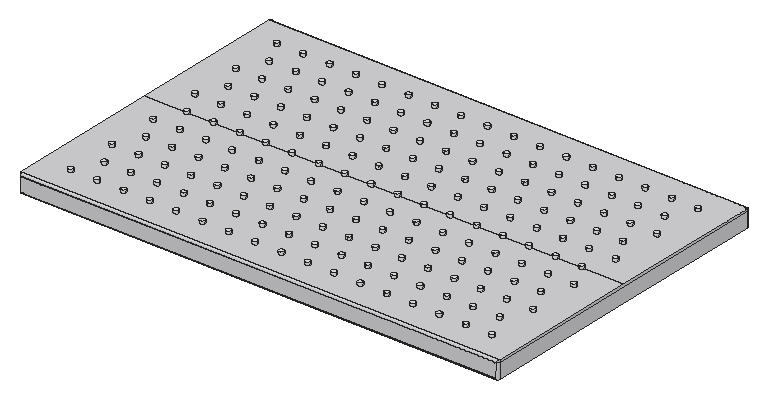
Revit family "Shower-Rainhead-KOHLER-BEITOU-K-27731IN", category Plumbing Fixtures, host Face, Revit 2017 (continued)
Definition of nested family "K-27731IN"
  Lines and regions (in)
    symbolic lines, detail levels medium+fine
      curve 251: arc (0.79123, -2.12443, 0) -> (0.72394, -2.05713, 0) -> (0.65664, -2.12443, 0) r 0.0673
      curve 252: arc (0.29017, -1.42285, 0) -> (0.35747, -1.49015, 0) -> (0.42477, -1.42285, 0) r 0.0673
      curve 253: arc (0.42477, -1.42285, 0) -> (0.35747, -1.35555, 0) -> (0.29017, -1.42285, 0) r 0.0673
      curve 254: arc (0.29017, -1.42285, 0) -> (0.35747, -1.49015, 0) -> (0.42477, -1.42285, 0) r 0.0673
      curve 255: arc (0.42477, -1.42285, 0) -> (0.35747, -1.35555, 0) -> (0.29017, -1.42285, 0) r 0.0673
      curve 256: arc (1.01953, -1.42285, 0) -> (1.08682, -1.49015, 0) -> (1.15412, -1.42285, 0) r 0.0673
      curve 257: arc (1.15412, -1.42285, 0) -> (1.08682, -1.35555, 0) -> (1.01953, -1.42285, 0) r 0.0673
      curve 258: arc (1.74235, -1.42285, 0) -> (1.80965, -1.49015, 0) -> (1.87695, -1.42285, 0) r 0.0673
      curve 259: arc (1.87695, -1.42285, 0) -> (1.80965, -1.35555, 0) -> (1.74235, -1.42285, 0) r 0.0673
      curve 260: arc (2.46904, -1.41717, 0) -> (2.53633, -1.48447, 0) -> (2.60363, -1.41717, 0) r 0.0673
      curve 261: arc (2.60363, -1.41717, 0) -> (2.53633, -1.34987, 0) -> (2.46904, -1.41717, 0) r 0.0673
      curve 262: arc (3.19754, -1.41717, 0) -> (3.26483, -1.48447, 0) -> (3.33213, -1.41717, 0) r 0.0673
      curve 263: arc (3.33213, -1.41717, 0) -> (3.26483, -1.34987, 0) -> (3.19754, -1.41717, 0) r 0.0673
      curve 264: arc (3.91607, -1.41717, 0) -> (3.98337, -1.48447, 0) -> (4.05067, -1.41717, 0) r 0.0673
      curve 265: arc (4.05067, -1.41717, 0) -> (3.98337, -1.34987, 0) -> (3.91607, -1.41717, 0) r 0.0673
      curve 266: arc (4.64402, -1.41717, 0) -> (4.71132, -1.48447, 0) -> (4.77861, -1.41717, 0) r 0.0673
      curve 267: arc (4.77861, -1.41717, 0) -> (4.71132, -1.34987, 0) -> (4.64402, -1.41717, 0) r 0.0673
      curve 268: arc (5.36586, -1.41717, 0) -> (5.43316, -1.48447, 0) -> (5.50045, -1.41717, 0) r 0.0673
      curve 269: arc (5.50045, -1.41717, 0) -> (5.43316, -1.34987, 0) -> (5.36586, -1.41717, 0) r 0.0673
      curve 270: arc (5.72333, -0.71559, 0) -> (5.79063, -0.78289, 0) -> (5.85793, -0.71559, 0) r 0.0673
      curve 271: arc (5.85793, -0.71559, 0) -> (5.79063, -0.64829, 0) -> (5.72333, -0.71559, 0) r 0.0673
      curve 272: arc (5.00187, -0.70809, 0) -> (5.06917, -0.77539, 0) -> (5.13647, -0.70809, 0) r 0.0673
      curve 273: arc (5.13647, -0.70809, 0) -> (5.06917, -0.64079, 0) -> (5.00187, -0.70809, 0) r 0.0673
      curve 274: arc (4.27621, -0.70809, 0) -> (4.34351, -0.77539, 0) -> (4.41081, -0.70809, 0) r 0.0673
      curve 275: arc (4.41081, -0.70809, 0) -> (4.34351, -0.64079, 0) -> (4.27621, -0.70809, 0) r 0.0673
      curve 276: arc (3.55488, -0.70809, 0) -> (3.62218, -0.77539, 0) -> (3.68948, -0.70809, 0) r 0.0673
      curve 277: arc (3.68948, -0.70809, 0) -> (3.62218, -0.64079, 0) -> (3.55488, -0.70809, 0) r 0.0673
      curve 278: arc (2.82946, -0.70809, 0) -> (2.89676, -0.77539, 0) -> (2.96406, -0.70809, 0) r 0.0673
      curve 279: arc (2.96406, -0.70809, 0) -> (2.89676, -0.64079, 0) -> (2.82946, -0.70809, 0) r 0.0673
      curve 280: arc (2.10633, -0.70809, 0) -> (2.17363, -0.77539, 0) -> (2.24092, -0.70809, 0) r 0.0673
      curve 281: arc (2.24092, -0.70809, 0) -> (2.17363, -0.64079, 0) -> (2.10633, -0.70809, 0) r 0.0673
      curve 282: arc (1.37956, -0.70809, 0) -> (1.44686, -0.77539, 0) -> (1.51416, -0.70809, 0) r 0.0673
      curve 283: arc (1.51416, -0.70809, 0) -> (1.44686, -0.64079, 0) -> (1.37956, -0.70809, 0) r 0.0673
      curve 284: arc (0.79313, -0.70809, 0) -> (0.72583, -0.64079, 0) -> (0.65853, -0.70809, 0) r 0.0673
      curve 285: arc (0.65853, -0.70809, 0) -> (0.72583, -0.77539, 0) -> (0.79313, -0.70809, 0) r 0.0673
      curve 286: arc (-5.72832, -3.54335, 0) -> (-5.79562, -3.61065, 0) -> (-5.86292, -3.54335, 0) r 0.0673
      curve 287: arc (-5.86292, -3.54335, 0) -> (-5.79562, -3.47605, 0) -> (-5.72832, -3.54335, 0) r 0.0673
      curve 288: arc (-5.13704, -3.54335, 0) -> (-5.06974, -3.47605, 0) -> (-5.00244, -3.54335, 0) r 0.0673
      curve 289: arc (-5.00244, -3.54335, 0) -> (-5.06974, -3.61065, 0) -> (-5.13704, -3.54335, 0) r 0.0673
      curve 290: arc (-4.41261, -3.54335, 0) -> (-4.34531, -3.47605, 0) -> (-4.27801, -3.54335, 0) r 0.0673
      curve 291: arc (-4.27801, -3.54335, 0) -> (-4.34531, -3.61065, 0) -> (-4.41261, -3.54335, 0) r 0.0673
      curve 292: arc (-3.55627, -3.54335, 0) -> (-3.62357, -3.61065, 0) -> (-3.69087, -3.54335, 0) r 0.0673
      curve 293: arc (-3.69087, -3.54335, 0) -> (-3.62357, -3.47605, 0) -> (-3.55627, -3.54335, 0) r 0.0673
      curve 294: arc (-2.83012, -3.54335, 0) -> (-2.89741, -3.61065, 0) -> (-2.96471, -3.54335, 0) r 0.0673
      curve 295: arc (-2.96471, -3.54335, 0) -> (-2.89741, -3.47605, 0) -> (-2.83012, -3.54335, 0) r 0.0673
      curve 296: arc (-2.10576, -3.54335, 0) -> (-2.17306, -3.61065, 0) -> (-2.24036, -3.54335, 0) r 0.0673
      curve 297: arc (-2.24036, -3.54335, 0) -> (-2.17306, -3.47605, 0) -> (-2.10576, -3.54335, 0) r 0.0673
      curve 298: arc (-1.38301, -3.54335, 0) -> (-1.45031, -3.61065, 0) -> (-1.51761, -3.54335, 0) r 0.0673
      curve 299: arc (-1.51761, -3.54335, 0) -> (-1.45031, -3.47605, 0) -> (-1.38301, -3.54335, 0) r 0.0673
      curve 300: arc (-0.79206, -3.54335, 0) -> (-0.72476, -3.47605, 0) -> (-0.65746, -3.54335, 0) r 0.0673
      curve 301: arc (-0.65746, -3.54335, 0) -> (-0.72476, -3.61065, 0) -> (-0.79206, -3.54335, 0) r 0.0673
      curve 302: arc (-0.29475, -2.83666, 0) -> (-0.36205, -2.90395, 0) -> (-0.42935, -2.83666, 0) r 0.0673
      curve 303: arc (-0.42935, -2.83666, 0) -> (-0.36205, -2.76936, 0) -> (-0.29475, -2.83666, 0) r 0.0673
      curve 304: arc (-1.02143, -2.83666, 0) -> (-1.08873, -2.90395, 0) -> (-1.15603, -2.83666, 0) r 0.0673
      curve 305: arc (-1.15603, -2.83666, 0) -> (-1.08873, -2.76936, 0) -> (-1.02143, -2.83666, 0) r 0.0673
      curve 306: arc (-1.74437, -2.83666, 0) -> (-1.81167, -2.90395, 0) -> (-1.87897, -2.83666, 0) r 0.0673
      curve 307: arc (-1.02143, -2.83666, 0) -> (-1.08873, -2.90395, 0) -> (-1.15603, -2.83666, 0) r 0.0673
      curve 308: arc (-1.87897, -2.83666, 0) -> (-1.81167, -2.76936, 0) -> (-1.74437, -2.83666, 0) r 0.0673
      curve 309: arc (-2.47039, -2.83666, 0) -> (-2.53769, -2.90395, 0) -> (-2.60499, -2.83666, 0) r 0.0673
      curve 310: arc (-2.60499, -2.83666, 0) -> (-2.53769, -2.76936, 0) -> (-2.47039, -2.83666, 0) r 0.0673
      curve 311: arc (-3.32622, -2.83666, 0) -> (-3.25892, -2.76936, 0) -> (-3.19162, -2.83666, 0) r 0.0673
      curve 312: arc (-3.19162, -2.83666, 0) -> (-3.25892, -2.90395, 0) -> (-3.32622, -2.83666, 0) r 0.0673
      curve 313: arc (-3.91705, -2.83666, 0) -> (-3.98435, -2.90395, 0) -> (-4.05164, -2.83666, 0) r 0.0673
      curve 314: arc (-4.05164, -2.83666, 0) -> (-3.98435, -2.76936, 0) -> (-3.91705, -2.83666, 0) r 0.0673
      curve 315: arc (-4.64336, -2.83666, 0) -> (-4.71066, -2.90395, 0) -> (-4.77796, -2.83666, 0) r 0.0673
      curve 316: arc (-4.77796, -2.83666, 0) -> (-4.71066, -2.76936, 0) -> (-4.64336, -2.83666, 0) r 0.0673
      curve 317: arc (-5.50575, -2.83666, 0) -> (-5.43845, -2.76936, 0) -> (-5.37115, -2.83666, 0) r 0.0673
      curve 318: arc (-5.37115, -2.83666, 0) -> (-5.43845, -2.90395, 0) -> (-5.50575, -2.83666, 0) r 0.0673
      curve 319: arc (-5.72832, -2.12443, 0) -> (-5.79562, -2.19173, 0) -> (-5.86292, -2.12443, 0) r 0.0673
      curve 320: arc (-5.86292, -2.12443, 0) -> (-5.79562, -2.05713, 0) -> (-5.72832, -2.12443, 0) r 0.0673
      curve 321: arc (-5.00157, -2.12443, 0) -> (-5.06887, -2.19173, 0) -> (-5.13617, -2.12443, 0) r 0.0673
      curve 322: arc (-5.13617, -2.12443, 0) -> (-5.06887, -2.05713, 0) -> (-5.00157, -2.12443, 0) r 0.0673
      curve 323: arc (-4.27958, -2.12443, 0) -> (-4.34688, -2.19173, 0) -> (-4.41418, -2.12443, 0) r 0.0673
      curve 324: arc (-4.41418, -2.12443, 0) -> (-4.34688, -2.05713, 0) -> (-4.27958, -2.12443, 0) r 0.0673
      curve 325: arc (-3.6904, -2.12443, 0) -> (-3.6231, -2.05713, 0) -> (-3.55581, -2.12443, 0) r 0.0673
      curve 326: arc (-3.55581, -2.12443, 0) -> (-3.6231, -2.19173, 0) -> (-3.6904, -2.12443, 0) r 0.0673
      curve 327: arc (-2.83021, -2.12443, 0) -> (-2.89751, -2.19173, 0) -> (-2.96481, -2.12443, 0) r 0.0673
      curve 328: arc (-2.96481, -2.12443, 0) -> (-2.89751, -2.05713, 0) -> (-2.83021, -2.12443, 0) r 0.0673
      curve 329: arc (-2.1073, -2.12443, 0) -> (-2.17459, -2.19173, 0) -> (-2.24189, -2.12443, 0) r 0.0673
      curve 330: arc (-2.24189, -2.12443, 0) -> (-2.17459, -2.05713, 0) -> (-2.1073, -2.12443, 0) r 0.0673
      curve 331: arc (-1.51966, -2.12443, 0) -> (-1.45237, -2.05713, 0) -> (-1.38507, -2.12443, 0) r 0.0673
      curve 332: arc (-1.38507, -2.12443, 0) -> (-1.45237, -2.19173, 0) -> (-1.51966, -2.12443, 0) r 0.0673
      curve 333: arc (-0.65664, -2.12443, 0) -> (-0.72394, -2.19173, 0) -> (-0.79123, -2.12443, 0) r 0.0673
      curve 334: arc (-0.79123, -2.12443, 0) -> (-0.72394, -2.05713, 0) -> (-0.65664, -2.12443, 0) r 0.0673
      curve 335: arc (-0.29017, -1.42285, 0) -> (-0.35747, -1.49015, 0) -> (-0.42477, -1.42285, 0) r 0.0673
      curve 336: arc (-0.42477, -1.42285, 0) -> (-0.35747, -1.35555, 0) -> (-0.29017, -1.42285, 0) r 0.0673
      curve 337: arc (-0.29017, -1.42285, 0) -> (-0.35747, -1.49015, 0) -> (-0.42477, -1.42285, 0) r 0.0673
      curve 338: arc (-0.42477, -1.42285, 0) -> (-0.35747, -1.35555, 0) -> (-0.29017, -1.42285, 0) r 0.0673
      curve 339: arc (-1.01953, -1.42285, 0) -> (-1.08682, -1.49015, 0) -> (-1.15412, -1.42285, 0) r 0.0673
      curve 340: arc (-1.15412, -1.42285, 0) -> (-1.08682, -1.35555, 0) -> (-1.01953, -1.42285, 0) r 0.0673
      curve 341: arc (-1.74235, -1.42285, 0) -> (-1.80965, -1.49015, 0) -> (-1.87695, -1.42285, 0) r 0.0673
      curve 342: arc (-1.87695, -1.42285, 0) -> (-1.80965, -1.35555, 0) -> (-1.74235, -1.42285, 0) r 0.0673
      curve 343: arc (-2.46904, -1.41717, 0) -> (-2.53633, -1.48447, 0) -> (-2.60363, -1.41717, 0) r 0.0673
      curve 344: arc (-2.60363, -1.41717, 0) -> (-2.53633, -1.34987, 0) -> (-2.46904, -1.41717, 0) r 0.0673
      curve 345: arc (-3.19754, -1.41717, 0) -> (-3.26483, -1.48447, 0) -> (-3.33213, -1.41717, 0) r 0.0673
      curve 346: arc (-3.33213, -1.41717, 0) -> (-3.26483, -1.34987, 0) -> (-3.19754, -1.41717, 0) r 0.0673
      curve 347: arc (-3.91607, -1.41717, 0) -> (-3.98337, -1.48447, 0) -> (-4.05067, -1.41717, 0) r 0.0673
      curve 348: arc (-4.05067, -1.41717, 0) -> (-3.98337, -1.34987, 0) -> (-3.91607, -1.41717, 0) r 0.0673
      curve 349: arc (-4.64402, -1.41717, 0) -> (-4.71132, -1.48447, 0) -> (-4.77861, -1.41717, 0) r 0.0673
      curve 350: arc (-4.77861, -1.41717, 0) -> (-4.71132, -1.34987, 0) -> (-4.64402, -1.41717, 0) r 0.0673
      curve 351: arc (-5.36586, -1.41717, 0) -> (-5.43316, -1.48447, 0) -> (-5.50045, -1.41717, 0) r 0.0673
      curve 352: arc (-5.50045, -1.41717, 0) -> (-5.43316, -1.34987, 0) -> (-5.36586, -1.41717, 0) r 0.0673
      curve 353: arc (-5.72333, -0.71559, 0) -> (-5.79063, -0.78289, 0) -> (-5.85793, -0.71559, 0) r 0.0673
      curve 354: arc (-5.85793, -0.71559, 0) -> (-5.79063, -0.64829, 0) -> (-5.72333, -0.71559, 0) r 0.0673
      curve 355: arc (-5.00187, -0.70809, 0) -> (-5.06917, -0.77539, 0) -> (-5.13647, -0.70809, 0) r 0.0673
      curve 356: arc (-5.13647, -0.70809, 0) -> (-5.06917, -0.64079, 0) -> (-5.00187, -0.70809, 0) r 0.0673
      curve 357: arc (-4.27621, -0.70809, 0) -> (-4.34351, -0.77539, 0) -> (-4.41081, -0.70809, 0) r 0.0673
      curve 358: arc (-4.41081, -0.70809, 0) -> (-4.34351, -0.64079, 0) -> (-4.27621, -0.70809, 0) r 0.0673
      curve 359: arc (-3.55488, -0.70809, 0) -> (-3.62218, -0.77539, 0) -> (-3.68948, -0.70809, 0) r 0.0673
      curve 360: arc (-3.68948, -0.70809, 0) -> (-3.62218, -0.64079, 0) -> (-3.55488, -0.70809, 0) r 0.0673
      curve 361: arc (-2.82946, -0.70809, 0) -> (-2.89676, -0.77539, 0) -> (-2.96406, -0.70809, 0) r 0.0673
      curve 362: arc (-2.96406, -0.70809, 0) -> (-2.89676, -0.64079, 0) -> (-2.82946, -0.70809, 0) r 0.0673
      curve 363: arc (-2.10633, -0.70809, 0) -> (-2.17363, -0.77539, 0) -> (-2.24092, -0.70809, 0) r 0.0673
      curve 364: arc (-2.24092, -0.70809, 0) -> (-2.17363, -0.64079, 0) -> (-2.10633, -0.70809, 0) r 0.0673
      curve 365: arc (-1.37956, -0.70809, 0) -> (-1.44686, -0.77539, 0) -> (-1.51416, -0.70809, 0) r 0.0673
      curve 366: arc (-1.51416, -0.70809, 0) -> (-1.44686, -0.64079, 0) -> (-1.37956, -0.70809, 0) r 0.0673
      curve 367: arc (-0.79313, -0.70809, 0) -> (-0.72583, -0.64079, 0) -> (-0.65853, -0.70809, 0) r 0.0673
      curve 368: arc (-0.65853, -0.70809, 0) -> (-0.72583, -0.77539, 0) -> (-0.79313, -0.70809, 0) r 0.0673
      curve 369: arc (-5.50369, 0, 0) -> (-5.43639, -0.0673, 0) -> (-5.36909, 0, 0) r 0.0673
      curve 370: arc (-5.36909, 0, 0) -> (-5.43639, 0.0673, 0) -> (-5.50369, 0, 0) r 0.0673
      curve 371: arc (-4.77474, 0, 0) -> (-4.70744, -0.0673, 0) -> (-4.64014, 0, 0) r 0.0673
      curve 372: arc (-4.64014, 0, 0) -> (-4.70744, 0.0673, 0) -> (-4.77474, 0, 0) r 0.0673
      curve 373: arc (-3.91709, 0, 0) -> (-3.98439, 0.0673, 0) -> (-4.05169, 0, 0) r 0.0673
      curve 374: arc (-4.05169, 0, 0) -> (-3.98439, -0.0673, 0) -> (-3.91709, 0, 0) r 0.0673
      curve 375: arc (-3.19576, 0, 0) -> (-3.26306, 0.0673, 0) -> (-3.33036, 0, 0) r 0.0673
      curve 376: arc (-3.33036, 0, 0) -> (-3.26306, -0.0673, 0) -> (-3.19576, 0, 0) r 0.0673
      curve 377: arc (-2.471, 0, 0) -> (-2.5383, 0.0673, 0) -> (-2.60559, 0, 0) r 0.0673
      curve 378: arc (-2.60559, 0, 0) -> (-2.5383, -0.0673, 0) -> (-2.471, 0, 0) r 0.0673
      curve 379: arc (-1.74281, 0, 0) -> (-1.81011, 0.0673, 0) -> (-1.87741, 0, 0) r 0.0673
      curve 380: arc (-1.87741, 0, 0) -> (-1.81011, -0.0673, 0) -> (-1.74281, 0, 0) r 0.0673
      curve 381: arc (-1.02146, 0, 0) -> (-1.08876, 0.0673, 0) -> (-1.15606, 0, 0) r 0.0673
      curve 382: arc (-1.15606, 0, 0) -> (-1.08876, -0.0673, 0) -> (-1.02146, 0, 0) r 0.0673
      curve 383: arc (-0.29349, 0, 0) -> (-0.36079, 0.0673, 0) -> (-0.42809, 0, 0) r 0.0673
      curve 384: arc (-0.42809, 0, 0) -> (-0.36079, -0.0673, 0) -> (-0.29349, 0, 0) r 0.0673
      curve 385: arc (5.50369, 0, 0) -> (5.43639, -0.0673, 0) -> (5.36909, 0, 0) r 0.0673
      curve 386: arc (5.36909, 0, 0) -> (5.43639, 0.0673, 0) -> (5.50369, 0, 0) r 0.0673
      curve 387: arc (4.77474, 0, 0) -> (4.70744, -0.0673, 0) -> (4.64014, 0, 0) r 0.0673
      curve 388: arc (4.64014, 0, 0) -> (4.70744, 0.0673, 0) -> (4.77474, 0, 0) r 0.0673
      curve 389: arc (3.91709, 0, 0) -> (3.98439, 0.0673, 0) -> (4.05169, 0, 0) r 0.0673
      curve 390: arc (4.05169, 0, 0) -> (3.98439, -0.0673, 0) -> (3.91709, 0, 0) r 0.0673
      curve 391: arc (3.19576, 0, 0) -> (3.26306, 0.0673, 0) -> (3.33036, 0, 0) r 0.0673
      curve 392: arc (3.33036, 0, 0) -> (3.26306, -0.0673, 0) -> (3.19576, 0, 0) r 0.0673
      curve 393: arc (2.471, 0, 0) -> (2.5383, 0.0673, 0) -> (2.60559, 0, 0) r 0.0673
      curve 394: arc (2.60559, 0, 0) -> (2.5383, -0.0673, 0) -> (2.471, 0, 0) r 0.0673
      curve 395: arc (1.74281, 0, 0) -> (1.81011, 0.0673, 0) -> (1.87741, 0, 0) r 0.0673
      curve 396: arc (1.87741, 0, 0) -> (1.81011, -0.0673, 0) -> (1.74281, 0, 0) r 0.0673
      curve 397: arc (1.02146, 0, 0) -> (1.08876, 0.0673, 0) -> (1.15606, 0, 0) r 0.0673
      curve 398: arc (1.15606, 0, 0) -> (1.08876, -0.0673, 0) -> (1.02146, 0, 0) r 0.0673
      curve 399: arc (0.29349, 0, 0) -> (0.36079, 0.0673, 0) -> (0.42809, 0, 0) r 0.0673
      curve 400: arc (0.42809, 0, 0) -> (0.36079, -0.0673, 0) -> (0.29349, 0, 0) r 0.0673
      curve 401: arc (-0.0673, -0.70809, 0) -> (0, -0.77539, 0) -> (0.0673, -0.70809, 0) r 0.0673
      curve 402: arc (0.0673, -0.70809, 0) -> (0, -0.64079, 0) -> (-0.0673, -0.70809, 0) r 0.0673
      curve 403: arc (-0.0673, -2.12443, 0) -> (0, -2.19173, 0) -> (0.0673, -2.12443, 0) r 0.0673
      curve 404: arc (0.0673, -2.12443, 0) -> (0, -2.05713, 0) -> (-0.0673, -2.12443, 0) r 0.0673
      curve 405: arc (0.0673, -3.54335, 0) -> (0, -3.47605, 0) -> (-0.0673, -3.54335, 0) r 0.0673
      curve 406: arc (-0.0673, -3.54335, 0) -> (0, -3.61065, 0) -> (0.0673, -3.54335, 0) r 0.0673
      curve 407: line (6.51697, 4.26443, 0) -> (-6.51574, 4.26443, 0)
      curve 408: line (-6.52821, 4.25196, 0) -> (-6.52821, -4.25267, 0)
      curve 409: arc (-6.51574, 4.26443, 0) -> (-6.52456, 4.26078, 0) -> (-6.52821, 4.25196, 0) r 0.01247
      curve 410: line (6.52821, -4.25232, 0) -> (6.52821, 4.25319, 0)
      curve 411: arc (6.52821, 4.25319, 0) -> (6.52492, 4.26114, 0) -> (6.51697, 4.26443, 0) r 0.01124
      curve 412: line (-6.51645, -4.26443, 0) -> (6.5161, -4.26443, 0)
      curve 413: arc (6.5161, -4.26443, 0) -> (6.52466, -4.26088, 0) -> (6.52821, -4.25232, 0) r 0.01211
      curve 414: arc (-6.52821, -4.25267, 0) -> (-6.52476, -4.26098, 0) -> (-6.51645, -4.26443, 0) r 0.01176
  Dimensions and locks (in)
    locked: plane 4 to level at 2.40945  (x2)
    locked: plane 8 to plane 7 at 13.18842
    locked: plane 6 to plane 5 at 8.66086
    aligned and locked: plane 2 to level
Types (3): name | Type | Product Page URL | Model | Finish
  (no name) | 1 | "https://www.kohler.co.in/product-detail/27731in?skuid=K-27731IN-CP" | "K-27731IN-CP" | Kohler-Metal-CP-Polished_Chrome
  CP-Polished Chrome | 1 | "https://www.kohler.co.in/product-detail/27731in?skuid=K-27731IN-CP" | "K-27731IN-CP" | Kohler-Metal-CP-Polished_Chrome
  BL-Matte Black | 2 | "https://www.kohler.co.in/product-detail/27731in?skuid=K-27731IN-BL" | "K-27731IN-BL" | Kohler-Metal-BL-Matte_Black
